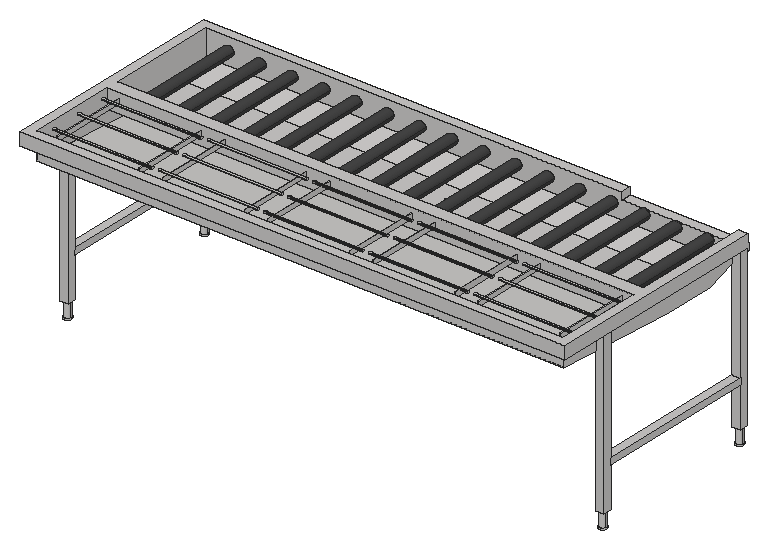
Revit family "QF_ELECTROLUXPROFESSIONAL_865292_HSMSF5LR", category Specialty Equipment, Revit 2018
Family settings
  Round Connector Dimension = Use Diameter
  Part Type = Normal
  Work Plane-Based = No
  Always vertical = Yes
  Cut with Voids When Loaded = No
  Shared = No
  Room Calculation Point = No
Parameters
  Weight = 0.00 kg
  Watts = 0 W
  Volts = 0 V
  URL Manufacturer = ""
  Steam Supply Size = 0 mm
  Steam Supply Minimum Pressure = 0.0 Pa
  Steam Supply Maximum Pressure = 0.0 Pa
  Steam Pounds per Hour = 0
  Refrigeration Suction Line Size = 0 mm
  Refrigeration Liquid Line Size = 0 mm
  Refrigerant Compressor Remote = yes
  Phase = 0
  Length Actual = 0 mm
  Item Number = ""
  Hot Water Size = 0 mm
  Height Actual = 0 mm
  HP = ""
  Gas Size = 0 mm
  Gas KW = 0
  Gas Input Pressure = 0 W
  Depth Actual = 0 mm
  Cycle = 0 Hz
  Condensate Return Size = 0 mm
  Compressed Air Volume = 0.0 L/s
  Compressed Air Size = 0 mm
  Compressed Air Pressure = 0.0 Pa
  Cold Water Size = 0 mm
  Accessory = yes
Reference planes
  plane 1: z = 0
  plane 2 "RIGHT": x = 1320
  plane 3: z = 910
  plane 4: z = 0
  plane 5: z = 300
  plane 6 "BACK": y = 310
  plane 7 "FRONT": y = -800
  plane 8 "LEFT": x = -1320
  plane 9 "Center": x = 1010
Forms (mm)
  Extrusion 1, solid, material "QF_Finishes_Stainless Steel"
    sketch origin (0, 0, 0) x (-1, 0, 0) y (0, -1, 0)
      loop
        line (1320, 800) -> (-1320, 800) -> (-1320, -310) -> (-1275, -310) -> (-1275, 755) -> (1275, 755) -> (1275, -265) -> (-745, -265) -> (-745, -310) -> (1320, -310) -> (1320, 800)
    from 850.091 to 910
  Extrusion 2, solid, material "QF_Finishes_Stainless Steel"
    sketch origin (0, 0, 0) x (0, 1, 0) y (0, 0, -1)
      loop
        line (-756.248, -850.091) -> (-755, -850.091) -> (-755, -784.848) -> (-131.111, -741.138) -> (130.374, -741.138) -> (265, -784.879) -> (265, -850.091) -> (266.249, -850.091) -> (266.249, -782.13) -> (130.849, -738.138) -> (-131.216, -738.138) -> (-756.248, -781.928) -> (-756.248, -850.091)
    from -1275 to 1275
  Revolve 3, solid, material "QF_Finishes_Stainless Steel"
    sketch origin (-0.025, 0.526, -123.199) x (-1, 0, 0) y (0, 0, -1)
      loop
        line (76.494, -861.337) -> (76.494, -847.59)
        arc (76.494, -847.59) -> (75.89, -845.987) -> (74.39, -845.16) r 2.474
        arc (74.39, -845.16) -> (71.083, -841.301) -> (74.377, -837.43) r 3.913
        arc (74.377, -837.43) -> (75.887, -836.598) -> (76.494, -834.985) r 2.49
        line (76.494, -834.985) -> (76.494, -794.661)
        arc (76.494, -794.661) -> (65.844, -763.962) -> (38.457, -746.476) r 49.516
        line (38.457, -746.476) -> (38.457, -743.987) -> (37.25, -742.336) -> (37.25, -740.749) -> (23.47, -734.749) -> (23.47, -698.838) -> (21.946, -697.377) -> (0, -697.377) -> (0, -861.337) -> (76.494, -861.337)
      axis (0, -861.337) -> (0, -697.377)
    angle from 0 to 360
  Extrusion 4, solid, material "QF_Finishes_Stainless Steel"
    sketch origin (0, 0, 0) x (-1, 0, 0) y (0, -1, 0)
      loop
        line (-1275, 330.124) -> (-1275, 265) -> (1275, 265) -> (1275, 330.124) -> (-1275, 330.124)
    from 820 to 910
  Extrusion 5, solid, material "QF_Finishes_Stainless Steel"
    sketch origin (6.015, 0, -602.691) x (-1, 0, 0) y (0, -1, 0)
      loop
        line (1283.015, -266.249) -> (1323.015, -266.249) -> (1323.015, 521.738) -> (1283.015, 521.738) -> (1283.015, -266.249)
    from 872.691 to 902.691
  Extrusion 6, solid, material "QF_Finishes_Stainless Steel"
    sketch origin (-1277, 0, 0) x (0, 1, 0) y (0, 0, -1)
      loop
        line (-756.248, -781.928) -> (-756.248, -850.091) -> (266.249, -850.091) -> (266.249, -782.13) -> (130.849, -738.138) -> (-131.216, -738.138) -> (-756.248, -781.928)
    from 0 to -2
  Extrusion 7, solid, material "QF_Finishes_Stainless Steel"
    sketch origin (1277, 0, 0) x (0, 1, 0) y (0, 0, 1)
      loop
        line (-756.248, 850.091) -> (-756.248, 781.928) -> (-131.216, 738.138) -> (130.849, 738.138) -> (266.249, 782.13) -> (266.249, 850.091) -> (-756.248, 850.091)
    from 0 to -2
  Extrusion 8, solid, material "QF_Finishes_Stainless Steel"
    sketch origin (-6, 0.054, -598.981) x (1, 0, 0) y (0, 1, 0)
      loop
        line (1283, 266.195) -> (1283, -521.792) -> (1323, -521.792) -> (1323, 266.195) -> (1283, 266.195)
    from 869.081 to 898.981
  Extrusion 9, solid, material "QF_Finishes_Black"
    sketch origin (0, -2.5, 0) x (-1, 0, 0) y (0, 0, 1)
      loop
        circle (1162.5, 850.047) r 25
      loop
        circle (1007.5, 850.047) r 25
      loop
        circle (852.5, 850.047) r 25
      loop
        circle (697.5, 850.047) r 25
      loop
        circle (542.5, 850.047) r 25
      loop
        circle (387.5, 850.047) r 25
      loop
        circle (232.5, 850.047) r 25
      loop
        circle (77.5, 850.047) r 25
      loop
        circle (-77.5, 850.047) r 25
      loop
        circle (-232.5, 850.047) r 25
      loop
        circle (-387.5, 850.047) r 25
      loop
        circle (-542.5, 850.047) r 25
      loop
        circle (-697.5, 850.047) r 25
      loop
        circle (-852.5, 850.047) r 25
      loop
        circle (-1007.5, 850.047) r 25
      loop
        circle (-1162.5, 850.047) r 25
    from -262.5 to 267.5
  Extrusion 10, solid, material "QF_Finishes_Stainless Steel"
    sketch origin (0, -7.263, 2.863) x (-1, 0, 0) y (0, -1, 0)
      loop
        line (-1220.049, 694.438) -> (-1220.049, 322.861) -> (-1217.001, 322.861) -> (-1217.001, 694.438) -> (-1220.049, 694.438)
      loop
        line (-823.039, 694.438) -> (-823.039, 322.861) -> (-819.991, 322.861) -> (-819.991, 694.438) -> (-823.039, 694.438)
      loop
        line (-200.029, 694.438) -> (-200.029, 322.861) -> (-196.981, 322.861) -> (-196.981, 694.438) -> (-200.029, 694.438)
      loop
        line (196.981, 694.438) -> (196.981, 322.861) -> (200.029, 322.861) -> (200.029, 694.438) -> (196.981, 694.438)
      loop
        line (-710.007, 694.438) -> (-710.007, 322.861) -> (-707.023, 322.861) -> (-707.023, 694.438) -> (-710.007, 694.438)
      loop
        line (-312.998, 694.438) -> (-312.998, 322.861) -> (-310.013, 322.861) -> (-310.013, 694.438) -> (-312.998, 694.438)
      loop
        line (1220.049, 694.438) -> (1217.001, 694.438) -> (1217.001, 322.861) -> (1220.049, 322.861) -> (1220.049, 694.438)
      loop
        line (823.039, 694.438) -> (819.991, 694.438) -> (819.991, 322.861) -> (823.039, 322.861) -> (823.039, 694.438)
      loop
        line (710.007, 694.438) -> (707.023, 694.438) -> (707.023, 322.861) -> (710.007, 322.861) -> (710.007, 694.438)
      loop
        line (312.997, 694.438) -> (310.013, 694.438) -> (310.013, 322.861) -> (312.997, 322.861) -> (312.997, 694.438)
    from 860 to 881.896
  Extrusion 11, solid, material "QF_Finishes_Stainless Steel"
    sketch origin (-2327.512, 265, 0) x (0, 1, 0) y (0, 0, 1)
      loop
        circle (-937.158, 888.745) r 3.985
      loop
        circle (-788.819, 888.745) r 3.985
      loop
        circle (-640.48, 888.745) r 3.985
    from 1067.5 to 1547.5
  Extrusion 12, solid, material "QF_Finishes_Stainless Steel"
    sketch origin (-1817.533, 265, 0) x (0, 1, 0) y (0, 0, 1)
      loop
        circle (-937.158, 888.745) r 3.985
      loop
        circle (-788.819, 888.745) r 3.985
      loop
        circle (-640.48, 888.745) r 3.985
    from 1067.5 to 1547.5
  Extrusion 13, solid, material "QF_Finishes_Stainless Steel"
    sketch origin (-1307.491, 265, 0) x (0, 1, 0) y (0, 0, 1)
      loop
        circle (-937.158, 888.745) r 3.985
      loop
        circle (-788.819, 888.745) r 3.985
      loop
        circle (-640.48, 888.745) r 3.985
    from 1067.5 to 1547.5
  Extrusion 14, solid, material "QF_Finishes_Stainless Steel"
    sketch origin (-797.513, 265, 0) x (0, 1, 0) y (0, 0, 1)
      loop
        circle (-937.158, 888.745) r 3.985
      loop
        circle (-788.819, 888.745) r 3.985
      loop
        circle (-640.48, 888.745) r 3.985
    from 1067.5 to 1547.5
  Extrusion 15, solid, material "QF_Finishes_Stainless Steel"
    sketch origin (-287.471, 265, 0) x (0, 1, 0) y (0, 0, 1)
      loop
        circle (-937.158, 888.745) r 3.985
      loop
        circle (-788.819, 888.745) r 3.985
      loop
        circle (-640.48, 888.745) r 3.985
    from 1067.5 to 1547.5
  Extrusion 16, solid, material "QF_Finishes_Stainless Steel"
    sketch origin (957.5, 757.022, 0) x (-1, 0, 0) y (0, 0, 1)
      loop
        line (-362.5, 835) -> (-347.5, 820) -> (242.5, 820) -> (257.5, 835) -> (257.5, 850.091) -> (212.5, 850.091) -> (212.5, 875) -> (-317.5, 875) -> (-317.5, 850.091) -> (-362.5, 850.091) -> (-362.5, 835)
    from -450 to -447.022
  Extrusion 17, solid, material "QF_Finishes_Stainless Steel"
    sketch origin (745, -2290.751, 0) x (0, 1, 0) y (0, 0, 1)
      loop
        line (2597.773, 875) -> (2557, 875) -> (2557, 872) -> (2597.773, 872) -> (2597.773, 875)
    from 0 to 530
  Extrusion 18, solid, material "QF_Finishes_Stainless Steel"
    sketch origin (957.5, 713.272, 0) x (-1, 0, 0) y (0, 0, 1)
      loop
        line (-317.5, 850.091) -> (212.5, 850.091) -> (212.5, 875) -> (-317.5, 875) -> (-317.5, 850.091)
    from -448.272 to -447.022
Cuts and joins
  joined: Extrusion 1, Extrusion 2, Revolve 3, Extrusion 4, Extrusion 6, Extrusion 7, Extrusion 10, Extrusion 11, Extrusion 12, Extrusion 13, Extrusion 14, Extrusion 15, Extrusion 16, Extrusion 17, Extrusion 18
Lines and regions (mm)
  Split face 1
    outline origin (0, -123.728, 741.138) x (0, 1, 0) y (-1, 0, 0)
      loop
        circle (123.685, -0.035) r 73.783
  Split face 2
    outline origin (0, -123.728, 741.138) x (0, 1, 0) y (-1, 0, 0)
      loop
        circle (123.685, -0.035) r 66.01
  Split face 3
    outline origin (0, -123.728, 741.138) x (0, 1, 0) y (-1, 0, 0)
      loop
        circle (123.685, -0.035) r 53.774
  Split face 4
    outline origin (0, -123.728, 741.138) x (0, 1, 0) y (-1, 0, 0)
      loop
        circle (123.685, -0.035) r 50.771
  Split face 5
    outline origin (0, -123.728, 741.138) x (0, 1, 0) y (-1, 0, 0)
      loop
        circle (123.685, -0.035) r 33.793
  Split face 6
    outline origin (0, -123.728, 741.138) x (0, 1, 0) y (-1, 0, 0)
      loop
        circle (123.685, -0.035) r 30.826
  Split face 7
    outline origin (0, -123.728, 741.138) x (0, 1, 0) y (-1, 0, 0)
      loop
        circle (123.685, -0.035) r 13.843
  Split face 8
    outline origin (0, -123.728, 741.138) x (0, 1, 0) y (-1, 0, 0)
      loop
        circle (123.685, -0.035) r 10.833
  symbolic lines
    curve 1: line (-1320, 310, 0) -> (1320, 310, 0)
    curve 2: line (-1320, -800, 0) -> (-1320, 310, 0)
    curve 3: line (1320, -800, 0) -> (-1320, -800, 0)
    curve 4: line (1320, 310, 0) -> (1320, -800, 0)
    curve 5: line (-1275, 265, 0) -> (1275, 265, 0)
    curve 6: line (-1275, -755, 0) -> (-1275, 265, 0)
    curve 7: line (1275, -755, 0) -> (-1275, -755, 0)
    curve 8: line (1275, -265, 0) -> (1275, -755, 0)
    curve 9: line (-1275, -265, 0) -> (1275, -265, 0)
    curve 10: line (1275, -330.124, 0) -> (-1275, -330.124, 0)
    curve 11: line (-1260.012, -371.495, 0) -> (-1260.012, -379.465, 0)
    curve 12: line (-1260.012, -379.465, 0) -> (-780.012, -379.465, 0)
    curve 13: line (-780.012, -379.465, 0) -> (-780.012, -371.495, 0)
    curve 14: line (-780.012, -371.495, 0) -> (-1260.012, -371.495, 0)
    curve 15: line (-1260.012, -519.834, 0) -> (-1260.012, -527.804, 0)
    curve 16: line (-1260.012, -527.804, 0) -> (-780.012, -527.804, 0)
    curve 17: line (-780.012, -527.804, 0) -> (-780.012, -519.834, 0)
    curve 18: line (-780.012, -519.834, 0) -> (-1260.012, -519.834, 0)
    curve 19: line (-1260.012, -668.173, 0) -> (-1260.012, -676.143, 0)
    curve 20: line (-1260.012, -676.143, 0) -> (-780.012, -676.143, 0)
    curve 21: line (-780.012, -676.143, 0) -> (-780.012, -668.173, 0)
    curve 22: line (-780.012, -668.173, 0) -> (-1260.012, -668.173, 0)
    curve 23: line (-1220.049, -330.124, 0) -> (-1220.049, -371.495, 0)
    curve 24: line (-1217.001, -330.124, 0) -> (-1217.001, -371.495, 0)
    curve 25: line (-1220.049, -379.465, 0) -> (-1220.049, -519.834, 0)
    curve 26: line (-1220.049, -701.7, 0) -> (-1220.049, -676.143, 0)
    curve 27: line (-1220.049, -701.7, 0) -> (-1217.001, -701.7, 0)
    curve 28: line (-1217.001, -701.7, 0) -> (-1217.001, -676.143, 0)
    curve 29: line (-1220.049, -668.173, 0) -> (-1220.049, -527.804, 0)
    curve 30: line (-1217.001, -527.804, 0) -> (-1217.001, -668.173, 0)
    curve 31: line (-1217.001, -519.834, 0) -> (-1217.001, -379.465, 0)
    curve 32: line (-823.039, -330.124, 0) -> (-823.039, -371.495, 0)
    curve 33: line (-819.992, -330.124, 0) -> (-819.992, -371.495, 0)
    curve 34: line (-823.039, -379.465, 0) -> (-823.039, -519.834, 0)
    curve 35: line (-823.039, -701.7, 0) -> (-823.039, -676.143, 0)
    curve 36: line (-823.039, -701.7, 0) -> (-819.992, -701.7, 0)
    curve 37: line (-819.992, -701.7, 0) -> (-819.992, -676.143, 0)
    curve 38: line (-823.039, -668.173, 0) -> (-823.039, -527.804, 0)
    curve 39: line (-819.992, -527.804, 0) -> (-819.992, -668.173, 0)
    curve 40: line (-819.992, -519.834, 0) -> (-819.992, -379.465, 0)
    curve 41: line (-750.033, -371.495, 0) -> (-750.033, -379.465, 0)
    curve 42: line (-750.033, -379.465, 0) -> (-270.033, -379.465, 0)
    curve 43: line (-270.033, -379.465, 0) -> (-270.033, -371.495, 0)
    curve 44: line (-270.033, -371.495, 0) -> (-750.033, -371.495, 0)
    curve 45: line (-750.033, -519.834, 0) -> (-750.033, -527.804, 0)
    curve 46: line (-750.033, -527.804, 0) -> (-270.033, -527.804, 0)
    curve 47: line (-270.033, -527.804, 0) -> (-270.033, -519.834, 0)
    curve 48: line (-270.033, -519.834, 0) -> (-750.033, -519.834, 0)
    curve 49: line (-750.033, -668.173, 0) -> (-750.033, -676.143, 0)
    curve 50: line (-750.033, -676.143, 0) -> (-270.033, -676.143, 0)
    curve 51: line (-270.033, -676.143, 0) -> (-270.033, -668.173, 0)
    curve 52: line (-270.033, -668.173, 0) -> (-750.033, -668.173, 0)
    curve 53: line (-710.071, -330.124, 0) -> (-710.071, -371.495, 0)
    curve 54: line (-707.023, -330.124, 0) -> (-707.023, -371.495, 0)
    curve 55: line (-710.071, -379.465, 0) -> (-710.071, -519.834, 0)
    curve 56: line (-710.071, -701.7, 0) -> (-710.071, -676.143, 0)
    curve 57: line (-710.071, -701.7, 0) -> (-707.023, -701.7, 0)
    curve 58: line (-707.023, -701.7, 0) -> (-707.023, -676.143, 0)
    curve 59: line (-710.071, -668.173, 0) -> (-710.071, -527.804, 0)
    curve 60: line (-707.023, -527.804, 0) -> (-707.023, -668.173, 0)
    curve 61: line (-707.023, -519.834, 0) -> (-707.023, -379.465, 0)
    curve 62: line (-313.061, -330.124, 0) -> (-313.061, -371.495, 0)
    curve 63: line (-310.013, -330.124, 0) -> (-310.013, -371.495, 0)
    curve 64: line (-313.061, -379.465, 0) -> (-313.061, -519.834, 0)
    curve 65: line (-313.061, -701.7, 0) -> (-313.061, -676.143, 0)
    curve 66: line (-313.061, -701.7, 0) -> (-310.013, -701.7, 0)
    curve 67: line (-310.013, -701.7, 0) -> (-310.013, -676.143, 0)
    curve 68: line (-313.061, -668.173, 0) -> (-313.061, -527.804, 0)
    curve 69: line (-310.013, -527.804, 0) -> (-310.013, -668.173, 0)
    curve 70: line (-310.013, -519.834, 0) -> (-310.013, -379.465, 0)
    curve 71: line (-239.991, -371.495, 0) -> (-239.991, -379.465, 0)
    curve 72: line (-239.991, -379.465, 0) -> (240.009, -379.465, 0)
    curve 73: line (240.009, -379.465, 0) -> (240.009, -371.495, 0)
    curve 74: line (240.009, -371.495, 0) -> (-239.991, -371.495, 0)
    curve 75: line (-239.991, -519.834, 0) -> (-239.991, -527.804, 0)
    curve 76: line (-239.991, -527.804, 0) -> (240.009, -527.804, 0)
    curve 77: line (240.009, -527.804, 0) -> (240.009, -519.834, 0)
    curve 78: line (240.009, -519.834, 0) -> (-239.991, -519.834, 0)
    curve 79: line (-239.991, -668.173, 0) -> (-239.991, -676.143, 0)
    curve 80: line (-239.991, -676.143, 0) -> (240.009, -676.143, 0)
    curve 81: line (240.009, -676.143, 0) -> (240.009, -668.173, 0)
    curve 82: line (240.009, -668.173, 0) -> (-239.991, -668.173, 0)
    curve 83: line (-200.029, -330.124, 0) -> (-200.029, -371.495, 0)
    curve 84: line (-196.981, -330.124, 0) -> (-196.981, -371.495, 0)
    curve 85: line (-200.029, -379.465, 0) -> (-200.029, -519.834, 0)
    curve 86: line (-200.029, -701.7, 0) -> (-200.029, -676.143, 0)
    curve 87: line (-200.029, -701.7, 0) -> (-196.981, -701.7, 0)
    curve 88: line (-196.981, -701.7, 0) -> (-196.981, -676.143, 0)
    curve 89: line (-200.029, -668.173, 0) -> (-200.029, -527.804, 0)
    curve 90: line (-196.981, -527.804, 0) -> (-196.981, -668.173, 0)
    curve 91: line (-196.981, -519.834, 0) -> (-196.981, -379.465, 0)
    curve 92: line (196.981, -330.124, 0) -> (196.981, -371.495, 0)
    curve 93: line (200.029, -330.124, 0) -> (200.029, -371.495, 0)
    curve 94: line (196.981, -379.465, 0) -> (196.981, -519.834, 0)
    curve 95: line (196.981, -701.7, 0) -> (196.981, -676.143, 0)
    curve 96: line (196.981, -701.7, 0) -> (200.029, -701.7, 0)
    curve 97: line (200.029, -701.7, 0) -> (200.029, -676.143, 0)
    curve 98: line (196.981, -668.173, 0) -> (196.981, -527.804, 0)
    curve 99: line (200.029, -527.804, 0) -> (200.029, -668.173, 0)
    curve 100: line (200.029, -519.834, 0) -> (200.029, -379.465, 0)
    curve 101: line (269.987, -371.495, 0) -> (269.987, -379.465, 0)
    curve 102: line (269.987, -379.465, 0) -> (749.987, -379.465, 0)
    curve 103: line (749.987, -379.465, 0) -> (749.987, -371.495, 0)
    curve 104: line (749.987, -371.495, 0) -> (269.987, -371.495, 0)
    curve 105: line (269.987, -519.834, 0) -> (269.987, -527.804, 0)
    curve 106: line (269.987, -527.804, 0) -> (749.987, -527.804, 0)
    curve 107: line (749.987, -527.804, 0) -> (749.987, -519.834, 0)
    curve 108: line (749.987, -519.834, 0) -> (269.987, -519.834, 0)
    curve 109: line (269.987, -668.173, 0) -> (269.987, -676.143, 0)
    curve 110: line (269.987, -676.143, 0) -> (749.987, -676.143, 0)
    curve 111: line (749.987, -676.143, 0) -> (749.987, -668.173, 0)
    curve 112: line (749.987, -668.173, 0) -> (269.987, -668.173, 0)
    curve 113: line (309.95, -330.124, 0) -> (309.95, -371.495, 0)
    curve 114: line (312.998, -330.124, 0) -> (312.998, -371.495, 0)
    curve 115: line (309.95, -379.465, 0) -> (309.95, -519.834, 0)
    curve 116: line (309.95, -701.7, 0) -> (309.95, -676.143, 0)
    curve 117: line (309.95, -701.7, 0) -> (312.998, -701.7, 0)
    curve 118: line (312.998, -701.7, 0) -> (312.998, -676.143, 0)
    curve 119: line (309.95, -668.173, 0) -> (309.95, -527.804, 0)
    curve 120: line (312.998, -527.804, 0) -> (312.998, -668.173, 0)
    curve 121: line (312.998, -519.834, 0) -> (312.998, -379.465, 0)
    curve 122: line (706.959, -330.124, 0) -> (706.959, -371.495, 0)
    curve 123: line (710.007, -330.124, 0) -> (710.007, -371.495, 0)
    curve 124: line (706.959, -379.465, 0) -> (706.959, -519.834, 0)
    curve 125: line (706.959, -701.7, 0) -> (706.959, -676.143, 0)
    curve 126: line (706.959, -701.7, 0) -> (710.007, -701.7, 0)
    curve 127: line (710.007, -701.7, 0) -> (710.007, -676.143, 0)
    curve 128: line (706.959, -668.173, 0) -> (706.959, -527.804, 0)
    curve 129: line (710.007, -527.804, 0) -> (710.007, -668.173, 0)
    curve 130: line (710.007, -519.834, 0) -> (710.007, -379.465, 0)
    curve 131: line (780.029, -371.495, 0) -> (780.029, -379.465, 0)
    curve 132: line (780.029, -379.465, 0) -> (1260.029, -379.465, 0)
    curve 133: line (1260.029, -379.465, 0) -> (1260.029, -371.495, 0)
    curve 134: line (1260.029, -371.495, 0) -> (780.029, -371.495, 0)
    curve 135: line (780.029, -519.834, 0) -> (780.029, -527.804, 0)
    curve 136: line (780.029, -527.804, 0) -> (1260.029, -527.804, 0)
    curve 137: line (1260.029, -527.804, 0) -> (1260.029, -519.834, 0)
    curve 138: line (1260.029, -519.834, 0) -> (780.029, -519.834, 0)
    curve 139: line (780.029, -668.173, 0) -> (780.029, -676.143, 0)
    curve 140: line (780.029, -676.143, 0) -> (1260.029, -676.143, 0)
    curve 141: line (1260.029, -676.143, 0) -> (1260.029, -668.173, 0)
    curve 142: line (1260.029, -668.173, 0) -> (780.029, -668.173, 0)
    curve 143: line (819.991, -330.124, 0) -> (819.991, -371.495, 0)
    curve 144: line (823.039, -330.124, 0) -> (823.039, -371.495, 0)
    curve 145: line (819.991, -379.465, 0) -> (819.991, -519.834, 0)
    curve 146: line (819.991, -701.7, 0) -> (819.991, -676.143, 0)
    curve 147: line (819.991, -701.7, 0) -> (823.039, -701.7, 0)
    curve 148: line (823.039, -701.7, 0) -> (823.039, -676.143, 0)
    curve 149: line (819.991, -668.173, 0) -> (819.991, -527.804, 0)
    curve 150: line (823.039, -527.804, 0) -> (823.039, -668.173, 0)
    curve 151: line (823.039, -519.834, 0) -> (823.039, -379.465, 0)
    curve 152: line (1217.001, -330.124, 0) -> (1217.001, -371.495, 0)
    curve 153: line (1220.049, -330.124, 0) -> (1220.049, -371.495, 0)
    curve 154: line (1217.001, -379.465, 0) -> (1217.001, -519.834, 0)
    curve 155: line (1217.001, -701.7, 0) -> (1217.001, -676.143, 0)
    curve 156: line (1217.001, -701.7, 0) -> (1220.049, -701.7, 0)
    curve 157: line (1220.049, -701.7, 0) -> (1220.049, -676.143, 0)
    curve 158: line (1217.001, -668.173, 0) -> (1217.001, -527.804, 0)
    curve 159: line (1220.049, -527.804, 0) -> (1220.049, -668.173, 0)
    curve 160: line (1220.049, -519.834, 0) -> (1220.049, -379.465, 0)
    curve 161: line (-1187.5, 265, 0) -> (-1187.5, -265, 0)
    curve 162: line (-1137.5, -265, 0) -> (-1137.5, 265, 0)
    curve 163: line (-1032.5, 265, 0) -> (-1032.5, -265, 0)
    curve 164: line (-982.5, -265, 0) -> (-982.5, 265, 0)
    curve 165: line (-877.5, 265, 0) -> (-877.5, -265, 0)
    curve 166: line (-827.5, -265, 0) -> (-827.5, 265, 0)
    curve 167: line (-722.5, 265, 0) -> (-722.5, -265, 0)
    curve 168: line (-672.5, -265, 0) -> (-672.5, 265, 0)
    curve 169: line (-567.5, 265, 0) -> (-567.5, -265, 0)
    curve 170: line (-517.5, -265, 0) -> (-517.5, 265, 0)
    curve 171: line (-412.5, 265, 0) -> (-412.5, -265, 0)
    curve 172: line (-362.5, -265, 0) -> (-362.5, 265, 0)
    curve 173: line (-257.5, 265, 0) -> (-257.5, -265, 0)
    curve 174: line (-207.5, -265, 0) -> (-207.5, 265, 0)
    curve 175: line (-102.5, 265, 0) -> (-102.5, -265, 0)
    curve 176: line (-52.5, -265, 0) -> (-52.5, 265, 0)
    curve 177: line (52.5, 265, 0) -> (52.5, -265, 0)
    curve 178: line (102.5, -265, 0) -> (102.5, 265, 0)
    curve 179: line (207.5, 265, 0) -> (207.5, -265, 0)
    curve 180: line (257.5, -265, 0) -> (257.5, 265, 0)
    curve 181: line (362.5, 265, 0) -> (362.5, -265, 0)
    curve 182: line (412.5, -265, 0) -> (412.5, 265, 0)
    curve 183: line (517.5, 265, 0) -> (517.5, -265, 0)
    curve 184: line (567.5, -265, 0) -> (567.5, 265, 0)
    curve 185: line (672.5, 265, 0) -> (672.5, -265, 0)
    curve 186: line (722.5, -265, 0) -> (722.5, 265, 0)
    curve 187: line (827.5, 265, 0) -> (827.5, -265, 0)
    curve 188: line (877.5, -265, 0) -> (877.5, 265, 0)
    curve 189: line (982.5, 265, 0) -> (982.5, -265, 0)
    curve 190: line (1032.5, -265, 0) -> (1032.5, 265, 0)
    curve 191: line (1137.5, 265, 0) -> (1137.5, -265, 0)
    curve 192: line (1187.5, -265, 0) -> (1187.5, 265, 0)
    curve 193: line (1275, 310, 0) -> (1275, -265, 0)
    curve 194: line (745, 265, 0) -> (745, 310, 0)
    curve 195: line (1010, 310, 0) -> (1010, 280, 0)
    curve 196: arc (76.471, 0.526, 0) -> (-0.025, -75.97, 0) -> (-76.521, 0.526, 0) r 76.496
    curve 197: arc (-76.521, 0.526, 0) -> (-0.025, 77.021, 0) -> (76.471, 0.526, 0) r 76.496
    curve 198: arc (21.921, 0.526, 0) -> (-0.025, 22.472, 0) -> (-21.971, 0.526, 0) r 21.946
    curve 199: arc (-21.971, 0.526, 0) -> (-0.025, -21.421, 0) -> (21.921, 0.526, 0) r 21.946
Dimensions and locks
  plane 3 to level = 910 mm
  plane 8 "LEFT" to plane 2 "RIGHT" = 2640 mm
  aligned and locked: level to plane 1
Nested families
  nested 1: "Foot_40x40" at (-1297, -541.738, 0), type "Foot_40x40"
    with A 850.091 mm
  nested 2: "Foot_40x40" at (-1297, 286.249, 0), type "Foot_40x40"
    with A 850.091 mm
  nested 3: "Foot_40x40" at (1297, 286.249, 0), type "Foot_40x40"
    with A 850.091 mm
  nested 4: "Foot_40x40" at (1297, -541.738, 0), type "Foot_40x40"
    with A 850.091 mm
Connectors
  piping at (-0.025, 0.526, 574.178), diameter 30
    settings: on cut or joined group of Extrusion 1, Extrusion 2, Revolve 3, Extrusion 4, Extrusion 6, Extrusion 7, Extrusion 10, Extrusion 11, Extrusion 12, Extrusion 13, Extrusion 14, Extrusion 15, Extrusion 16, Extrusion 17, Extrusion 18, index 1, connector inside diameter 609.6 mm, connector length 0 mm, flow factor 0, pipe flow 0.0 L/s, pressure drop 0.0 Pa, fitting loss kfactor 0, connector angle 0.00°, fixture units 0, engagement length 0 mm, angle of deflection 0.00°, flow configuration 1, flow direction 2, fitting loss method 0, system type 16, joint type 0, gender type 0, connector reference index -1, connector utility 0, adjustable connector no, is connector primary yes, connector description "Drain"
Definition of nested family "Foot_40x40"
  Parameters
    A [instance] = 850 mm
  Reference planes
    plane 1 "Centro (Fronte/Retro)": y = 0
    plane 2: z = 0
    plane 3 "Centro (Sinistra/Destra)": x = 0
    plane 4: z = 850
  Forms (mm)
    Extrusion 1, solid
      sketch origin (0, 0, 0) x (1, 0, 0) y (0, 1, 0)
        loop
          circle (0, 0) r 18
      from 0 to 5
    Extrusion 2, solid
      sketch origin (0, 0, 5) x (1, 0, 0) y (0, 1, 0)
        loop
          circle (0, 0) r 15
      from 0 to 70
    Extrusion 3, solid
      sketch origin (0, 0, 75) x (1, 0, 0) y (0, 1, 0)
        loop
          line (-20, 20) -> (-20, -20) -> (20, -20) -> (20, 20) -> (-20, 20)
      from 0 to 775
  Dimensions and locks
    "A": plane 4 to plane 2
    aligned and locked: level to plane 2
    aligned and locked: plane 4 to Extrusion 3
    aligned and locked: Extrusion 1 to level
  Automatic sketch dimensions
    plane 1 "Centro (Fronte/Retro)" to Extrusion 1 sketch curve = 0 mm
    Extrusion 1 sketch curve to plane 3 "Centro (Sinistra/Destra)" = 0 mm
    Extrusion 3 sketch curve to Extrusion 3 sketch curve = 40 mm  (x2)
    radius of Extrusion 1 sketch curve = 18 mm
    radius of Extrusion 2 sketch curve to Extrusion 1 = 3 mm
